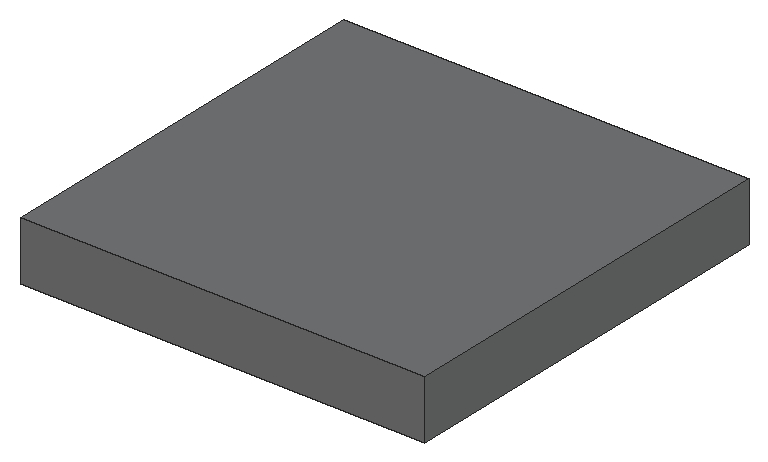
Revit family "Gira_536126", category Electrical Fixtures, host Face, Revit 2017
Family settings
  Host = Face
  Maintain Annotation Orientation = No
  Round Connector Dimension = Use Diameter
  Part Type = Normal
  Cut with Voids When Loaded = No
  Shared = No
  Room Calculation Point = No
Parameters (values of type "S3000 Bedienaufs. Pfeilsymbole System 55 F Alu")
  Werkstoffgüte = "sonstige"
  Werkstoff = "sonstige"
  URL = "http://katalog.gira.de/de_DE/datenblatt.html?artikelnr=536126"
  Transparent = "No"
  Region = "DE"
  Oberfläche = "sonstige"
  Name = "S3000 Bedienaufs. Pfeilsymbole System 55 F Alu"
  Mit LED-Anzeige = "No"
  Mit Abdeckung = "Yes"
  Manufacturer URL = "https://www.gira.de/"
  Keynote = "Sys55_Abdeckung_Schalten und Tasten"
  HeinzeBIM = "https://bimportal.heinze.de/bim/s3000-bedienaufs-pfeilsymbole-system-55-f-alu/811dd27797f77403f4b3f1e894294dfb6733646e"
  Halogenfrei = "Yes"
  HAN = "536126"
  Geeignet für Schalteinsatz = "No"
  Geeignet für Jalousieeinsatz = "Yes"
  Geeignet für Dimmeinsatz = "No"
  GTIN = "4010337027294"
  Farbe = "aluminium"
  Default Elevation = 1219.2 mm
  Data sheet (1) = "https://katalog.gira.de/de_DE/download.html?artikelnr=536126"
  Category = "Bedienelement intelligent"
  Available = "Yes"
  Ausführung der Oberfläche = "nicht zutreffend"
  Anzahl der Tasten = "1 "
  Anzahl der Betätigungspunkte = "2 "
  Anwendung = "Steuern elektrischer Verbraucher"
  Anthrazit [instance] = Anthrazit
Reference planes
  plane 1 "Center (Front/Back)": y = 0
  plane 2: z = 0
  plane 3 "Center (Left/Right)": x = 0
Forms (mm)
  Extrusion 1, solid, material "Anthrazit" <- "Anthrazit", detail levels fine
    sketch origin (0, 0, 0) x (1, 0, 0) y (0, 1, 0)
      loop
        line (-27.5, 27.5) -> (-27.5, -27.5) -> (27.5, -27.5) -> (27.5, 27.5) -> (-27.5, 27.5)
    from 0 to 8
  Extrusion 2, void
    sketch origin (0, 0, 0) x (1, 0, 0) y (0, 1, 0)
      loop
        line (26, 26) -> (-26, 26) -> (-26, -26) -> (26, -26) -> (26, 26)
    from 0 to 6
  Extrusion 3, solid, material "Anthrazit" <- "Anthrazit", detail levels medium
    sketch origin (0, 0, 0) x (1, 0, 0) y (0, 1, 0)
      loop
        line (-27.5, 27.5) -> (-27.5, -27.5) -> (27.5, -27.5) -> (27.5, 27.5) -> (-27.5, 27.5)
    from 0 to 8
  Extrusion 4, solid, material "Anthrazit" <- "Anthrazit", detail levels medium
    sketch origin (0, 0, 0) x (1, 0, 0) y (0, 1, 0)
      loop
        line (11, -17.5) -> (11, 17.5) -> (-11, 17.5) -> (-11, -17.5) -> (11, -17.5)
    from -6 to 6
  Extrusion 5, solid, material "Anthrazit" <- "Anthrazit", detail levels fine
    sketch origin (0, 0, 0) x (1, 0, 0) y (0, 1, 0)
      loop
        line (11, 17.5) -> (-11, 17.5) -> (-11, 16.5) -> (11, 16.5) -> (11, 17.5)
      loop
        line (-11, -16.5) -> (-11, -17.5) -> (11, -17.5) -> (11, -16.5) -> (-11, -16.5)
    from -4 to 6
  Extrusion 6, solid, material "Anthrazit" <- "Anthrazit", detail levels fine
    sketch origin (0, 0, 0) x (1, 0, 0) y (0, 1, 0)
      loop
        arc (5, 9.347) -> (0, 10.6) -> (-5, 9.347) r 10.6
        line (-5, 9.347) -> (-5, -9.347)
        arc (-5, -9.347) -> (0, -10.6) -> (5, -9.347) r 10.6
        line (5, -9.347) -> (5, 9.347)
    from -6 to 6
  Extrusion 7, solid, material "Anthrazit" <- "Anthrazit", detail levels coarse
    sketch origin (0, 0, 0) x (1, 0, 0) y (0, 1, 0)
      loop
        line (-27.5, 27.5) -> (-27.5, -27.5) -> (27.5, -27.5) -> (27.5, 27.5) -> (-27.5, 27.5)
    from -6 to 8
Cuts and joins
  Extrusion 2 cuts Extrusion 1
Dimensions and locks
  aligned and locked: plane 2 to host face
  aligned and locked: level to host face
